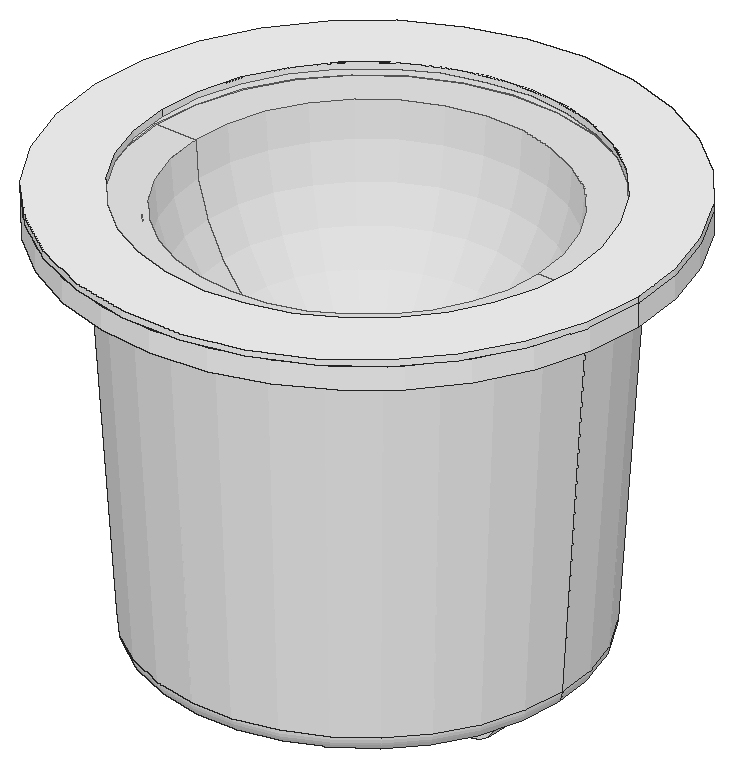
Revit family "2058937", category Lighting Fixtures, host Face, Revit 2018
Family settings
  Host = Face
  Round Connector Dimension = Use Diameter
  Part Type = Normal
  OmniClass Number = 23.80.70.11.17
  OmniClass Title = Specialized Lighting by Location or Use
  Cut with Voids When Loaded = No
  Light Source = Yes
  Shared = No
  Room Calculation Point = No
Parameters (values of type "2058937 MYRIAD DECO IP65 SP 4K DALI WH CBEZ")
  Weight = "n/a"
  Wattage = 15 W
  WarrantyStartDate [instance] = "n/a"
  WarrantyGuarantorParts = "n/a"
  WarrantyDurationUnit = "n/a"
  WarrantyDurationParts = ""
  WarrantyDescription = "http://www.sylvania-lighting.com"
  built-in parameter 1150110 = 1 (stored number, unit not read)
  Voltage = 230 V
  URL = "0"
  TypeName = "MYRIAD DECO IP65 SPOT 4000K DALI WHITE CBEZ"
  Type Image = 0
  Type Comments = ""
  built-in parameter 1114217 = 1 (stored number, unit not read)
  Tilt Angle = -90°
  built-in parameter 1150109 = 1 (stored number, unit not read)
  built-in parameter 1150134 = (empty or 0)
  built-in parameter 1150113 = 1 (stored number, unit not read)
  SerialNumber [instance] = "n/a"
  Reflector Radius = Cutout Diameter / 2 - 2.5 mm  # 35.0 mm
  Reflector Material = Aluminum_Sylvania_Myriad_Bright
  Recessed Depth = Height  # 72.0 mm
  PowerFactor = 0
  PowerConsumption = "Lighting"
  Photometric Web File = "2058937.ies"
  NominalWidth = 0.0 mm
  NominalLength = 76.0 mm
  NominalHeight = 72.0 mm
  Name = "MYRIAD DECO IP65 SPOT 4000K DALI WHITE CBEZ"
  ModelReference = "MYRIAD DECO IP65 SPOT 4000K DALI WHITE CBEZ"
  ModelNumber = "2058937"
  Material = "Feilo Sylvania"
  ManufacturerName = "113 lm/W"
  LuminousEfficacy = ""
  LuminaireType = "0"
  LightOutputRatio = "LED"
  LampsType = Lamp  # "n/a"
  LampNominalLuminous = "4000 K"
  LampMacAdamStep = "90"
  LampColourTemperature = "LED"
  LampColourRenderingIndex = "16500"
  Keynote = "n/a"
  Keynote_2 = "16500"
  InstallationDate [instance] = "n/a"
  InputVoltage = "0"
  InputNominalFrequency = "4000"
  IngressProtection = "IfcLightFixtureType"
  ImpactProtectionIndex = "IfcLightFixtureType"
  IfcExportType = "IfcLightFixtureType"
  IfcExportAs = "Class II"
  Height = 72.0 mm  # constant formula
  ExpectedLife = 50000
  Emit from Circle Diameter = Accessory Inner Diameter 2  # 68.0 mm
  Emit Shape Visible in Rendering = no
  ElectricShockClassification = "113"
  DurationUnit = "hours"
  DocumentationLiterature = "http://www.sylvania-lighting.com/product/en-int/products/2058937"
  DimmingControlOptions = "n/a"
  Diffuser Material = Glass_Sylvania_Myriad_Clear_4000K
  Diffuser Diameter = Cutout Diameter  # 75.0 mm
  Cutout Diameter = 75.0 mm  # constant formula
  CreatedOn = "03/02/2022"
  CreatedBy = "@sylvania-lighting.com"
  Cost = 0
  built-in parameter 1114216 [instance] = 1 (stored number, unit not read)
  Model = "MYRIAD DECO IP65 SPOT 4000K DALI WHITE CBEZ"
  Manufacturer = "Feilo Sylvania"  # constant formula
  built-in parameter 1150105 = 83.556 (stored number, unit not read)
  Lumens = 1050 lm
  built-in parameter 1150115 = 1 (stored number, unit not read)
  built-in parameter 1150137 = (empty or 0)
  built-in parameter 1150139 = (empty or 0)
  built-in parameter 1150112 = 1 (stored number, unit not read)
  built-in parameter 1150114 = 1 (stored number, unit not read)
  Lamp = "n/a"
  built-in parameter 1150132 = (empty or 0)
  built-in parameter 1150102 = (empty or 0)
  built-in parameter 1150107 = 2700 (stored number, unit not read)
  built-in parameter 1150138 = (empty or 0)
  built-in parameter 1150106 = 0.83556 (stored number, unit not read)
  built-in parameter 1150104 = 6.5032 (stored number, unit not read)
  Dimming Lamp Color Temperature Shift = <None>
  Description = "Supplied complete with electronic control gear Compact Fluorescent low energy downlight Emergency version passes through the cut out Ideal for low level orientation lighting New range of Architectural accessories each providing a different lit dimension New completely flush plaster up accessory ring for clean ceiling lines and smooth finish Order lamp separately"  # constant formula
  Default Elevation = 0.0 mm
  Color Filter = 16777215
  built-in parameter 1140040 [instance] = 1
  Body Radius = Reflector Radius + 1.5 mm  # 36.5 mm
  Body Material = Aluminum_Sylvania_Myriad_Gray
  BarCode [instance] = "n/a"
  built-in parameter 1114218 = 1 (stored number, unit not read)
  built-in parameter 1150133 = 10 (stored number, unit not read)
  AssetType = "Fixed"
  AssetIdentifier [instance] = "n/a"
  Assembly Code = "D5020200"
  Apparent Load = 10 VA
  Accessory Material = Aluminum_Sylvania_Myriad_White
  Accessory Inner Diameter 2 = Accessory Diameter - 22.0 mm  # 68.0 mm
  Accessory Inner Diameter 1 = Accessory Diameter - 2.0 mm  # 88.0 mm
  Accessory Diameter = Cutout Diameter + 15.0 mm  # 90.0 mm
Reference planes
  plane 1 "Center (Front/Back)": y = 0
  plane 2: z = 0
  plane 3 "Center (Left/Right)": x = 0
  plane 4: z = 2
  plane 5 "Fixture Bottom": z = 4.5
  plane 6: z = -28.5
  plane 7: z = -61.5
  plane 8 "Fixture Top": z = -67.5
  plane 9: z = 3.5
Forms (mm)
  Revolve 1, solid, material "Aluminum_Sylvania_Myriad_Bright" <- "Reflector Material", detail levels fine
    sketch origin (0, 0, 0) x (1, 0, 0) y (0, 0, 1)
      loop
        line (0, -27.515) -> (-6, -27.515)
        arc (-6, -27.515) -> (-22.333, -16.632) -> (-28.5, 2) r 30.135
        line (-28.5, 2) -> (-35, 2) -> (-35, 0) -> (-29.184, 0)
        arc (-29.184, 0) -> (-22.423, -18.18) -> (-6, -28.5) r 30.204
        line (-6, -28.5) -> (0, -28.5) -> (0, -27.515)
      axis (0, -28.5) -> (0, 2)
    angle from 0 to 360
  Revolve 2, solid, material "Aluminum_Sylvania_Myriad_Gray" <- "Body Material", detail levels fine
    sketch origin (0, 0, 0) x (1, 0, 0) y (0, 0, 1)
      loop
        line (-44, 2) -> (-44, 0) -> (-36.5, 0) -> (-32.42, -58.708)
        arc (-32.42, -58.708) -> (-31.474, -60.694) -> (-29.428, -61.5) r 3
        line (-29.428, -61.5) -> (0, -61.5) -> (0, -28.5) -> (-6, -28.5)
        arc (-6, -28.5) -> (-22.423, -18.18) -> (-29.184, 0) r 30.204
        line (-29.184, 0) -> (-35, 0) -> (-35, 2) -> (-44, 2)
      axis (0, 2) -> (0, -61.5)
    angle from 0 to 360
  Extrusion 3, solid, material "Aluminum_Sylvania_Myriad_Gray" <- "Body Material", detail levels fine
    sketch origin (0, 0, 0) x (1, 0, 0) y (0, 0, 1)
      loop
        line (-13.5, -67.5) -> (21, -67.5)
        arc (21, -67.5) -> (23.828, -66.328) -> (25, -63.5) r 4
        line (25, -63.5) -> (25, -61.5) -> (-17.5, -61.5) -> (-17.5, -63.5)
        arc (-17.5, -63.5) -> (-16.328, -66.328) -> (-13.5, -67.5) r 4
    from -4.5 to 4.5
  Extrusion 4, solid, material "Aluminum_Sylvania_Myriad_White" <- "Accessory Material", detail levels fine
    sketch origin (0, 0, 0) x (1, 0, 0) y (0, 1, 0)
      loop
        circle (0, 0) r 45
      loop
        circle (0, 0) r 44
    from 0 to 3.5
  Extrusion 5, solid, material "Aluminum_Sylvania_Myriad_White" <- "Accessory Material", detail levels fine
    sketch origin (0, 0, 0) x (1, 0, 0) y (0, 1, 0)
      loop
        circle (0, 0) r 45
      loop
        circle (0, 0) r 34
    from 3.5 to 4.5
  Extrusion 6, solid, material "Aluminum_Sylvania_Myriad_White" <- "Accessory Material", detail levels coarse+medium
    sketch origin (0, 0, 0) x (1, 0, 0) y (0, 1, 0)
      loop
        circle (0, 0) r 45
    from 0 to 4.5
  Revolve 7, solid, detail levels coarse+medium
    sketch origin (0, 0, 0) x (1, 0, 0) y (0, 0, 1)
      loop
        line (36.5, 0) -> (0, 0) -> (0, -61.5) -> (32.226, -61.5) -> (36.5, 0)
      axis (0, 0) -> (0, -61.5)
    angle from 0 to 360
  Extrusion 8, void
    sketch origin (0, 0, 0) x (1, 0, 0) y (0, 1, 0)
      loop
        circle (0, 0) r 37.5
    from -67.5 to 0
  Extrusion 9, solid, material "Glass_Sylvania_Myriad_Clear_4000K" <- "Diffuser Material", detail levels fine
    sketch origin (0, 0, 0) x (1, 0, 0) y (0, 1, 0)
      loop
        circle (0, 0) r 37.5
    from 2 to 3.5
Cuts and joins
  joined: Extrusion 4, Extrusion 5
Lines and regions (mm)
  Masking region 1
    outline origin (0, 0, 0) x (1, 0, 0) y (0, 1, 0)
      loop
        circle (0, 0) r 45
  symbolic lines
    curve 1: arc (-34, 0, 0) -> (0, 34, 0) -> (34, 0, 0) r 34
    curve 2: arc (34, 0, 0) -> (0, -34, 0) -> (-34, 0, 0) r 34
Dimensions and locks
  locked: plane 7 to plane 8 "Fixture Top" at 6
  "Body Radius": Revolve 7 sketch curve to plane 3 "Center (Left/Right)"
  locked: Revolve 7 sketch curve to Revolve 7 sketch curve at 4.274
  plane 5 "Fixture Bottom" to plane 9 to plane 4 to plane 2 to plane 6 = 1.0 mm locked, 1.5 mm locked, 2.0 mm locked, 28.5 mm locked
  "Reflector Radius": Revolve 1 sketch curve to plane 3 "Center (Left/Right)"
  Revolve 1 sketch curve to Revolve 1 sketch curve to Revolve 1 sketch curve to Revolve 1 sketch curve = 6.5 mm locked, 22.5 mm locked, 0.0 mm locked
  "Reflector Radius": plane 3 "Center (Left/Right)" to Revolve 2 sketch curve
  Revolve 2 sketch curve to Revolve 2 sketch curve to Revolve 2 sketch curve = 7.5 mm locked, 1.5 mm locked
  Revolve 2 sketch curve to Revolve 2 sketch curve to Revolve 2 sketch curve = 5.816 mm locked, 23.184 mm locked
  Revolve 2 sketch curve to Revolve 2 sketch curve to Revolve 2 sketch curve = 2.58 mm locked, 2.993 mm locked
  "Accessory Diameter": diameter of Extrusion 4 sketch curve
  "Accessory Inner Diameter 1": diameter of Extrusion 4 sketch curve
  "Accessory Diameter": diameter of Extrusion 5 sketch curve
  "Accessory Diameter": diameter of Extrusion 6 sketch curve
  "Cutout Diameter": diameter of Extrusion 8 sketch curve
  "Accessory Inner Diameter 2": diameter of Extrusion 5 sketch curve
  "Diffuser Diameter": diameter of Extrusion 9 sketch curve
  aligned and locked: plane 2 to host face
  aligned and locked: level to host face
  aligned and locked: plane 1 "Center (Front/Back)" to imposter light
  aligned and locked: plane 3 "Center (Left/Right)" to imposter light
  aligned and locked: Revolve 1 sketch curve to imposter light
  aligned and locked: Extrusion 3 sketch curve to plane 8 "Fixture Top"
  aligned and locked: plane 7 to Extrusion 3 sketch curve
  aligned and locked: Extrusion 4 to plane 2
  aligned and locked: plane 9 to Extrusion 4
  aligned and locked: Extrusion 5 to plane 9
  aligned and locked: plane 5 "Fixture Bottom" to Extrusion 5
  aligned and locked: Extrusion 6 to plane 2
  aligned and locked: plane 5 "Fixture Bottom" to Extrusion 6
  aligned and locked: Extrusion 8 to plane 8 "Fixture Top"
  aligned and locked: plane 2 to Extrusion 8
  aligned and locked: Masking region 1 sketch curve to Extrusion 6  (x2)
  aligned and locked: Extrusion 9 to plane 4
  aligned and locked: plane 9 to Extrusion 9
  aligned and locked: plane 4 to Revolve 2 sketch curve
  aligned and locked: Revolve 2 sketch curve to plane 2
  aligned and locked: curve 1 to cut or joined group of Extrusion 4, Extrusion 5
  aligned and locked: curve 2 to cut or joined group of Extrusion 4, Extrusion 5
  aligned and locked: imposter light to plane 5 "Fixture Bottom"
Automatic sketch dimensions
  host sketch curve to host sketch curve = 1305.563 mm
  host sketch curve to host sketch curve = 1283.632 mm
  Extrusion 3 sketch curve to plane 7 = 2.0 mm
  Extrusion 3 sketch curve to plane 3 "Center (Left/Right)" = 13.5 mm
  plane 3 "Center (Left/Right)" to Extrusion 3 sketch curve = 21.0 mm
  Extrusion 3 sketch curve to Extrusion 3 sketch curve = 4.0 mm
  Revolve 1 sketch curve to level = 0.0 mm
  Revolve 1 sketch curve to plane 3 "Center (Left/Right)" = 0.0 mm
  Revolve 1 sketch curve to plane 6 = 0.0 mm
  Revolve 1 sketch curve to plane 4 = 0.0 mm
  Revolve 1 sketch curve to Revolve 1 sketch curve = 0.684 mm
  level to Revolve 1 sketch curve = 0.88 mm
  Revolve 1 sketch curve to plane 4 = 0.363 mm
  Revolve 1 sketch curve to Revolve 1 sketch curve = 0.625 mm
  Revolve 1 sketch curve to plane 8 "Fixture Top" = 232.8 mm
  plane 5 "Fixture Bottom" to Revolve 1 sketch curve = 291.243 mm
  Revolve 2 sketch curve to plane 3 "Center (Left/Right)" = 0.0 mm  (x2)
  Revolve 2 sketch curve to plane 7 = 0.0 mm
  Revolve 2 sketch curve to plane 6 = 0.0 mm
  Revolve 2 sketch curve to level = 0.0 mm
  level to Revolve 2 sketch curve = 0.88 mm
  plane 7 to Revolve 2 sketch curve = 2.792 mm
  Revolve 2 sketch curve to plane 8 "Fixture Top" = 304.774 mm
  plane 5 "Fixture Bottom" to Revolve 2 sketch curve = 1137.105 mm
  Extrusion 4 sketch curve to Extrusion 4 sketch curve = 0.0 mm  (x2)
  plane 1 "Center (Front/Back)" to Extrusion 4 sketch curve = 0.0 mm
  Extrusion 4 sketch curve to plane 3 "Center (Left/Right)" = 0.0 mm
  Extrusion 5 sketch curve to Extrusion 5 sketch curve = 0.0 mm  (x2)
  plane 1 "Center (Front/Back)" to Extrusion 5 sketch curve = 0.0 mm
  Extrusion 5 sketch curve to plane 3 "Center (Left/Right)" = 0.0 mm
  plane 1 "Center (Front/Back)" to Extrusion 6 sketch curve = 0.0 mm
  Extrusion 6 sketch curve to plane 3 "Center (Left/Right)" = 0.0 mm
  Revolve 7 sketch curve to level = 0.0 mm
  Revolve 7 sketch curve to plane 3 "Center (Left/Right)" = 0.0 mm  (x2)
  Revolve 7 sketch curve to plane 7 = 0.0 mm
  Revolve 7 sketch curve to plane 8 "Fixture Top" = 304.774 mm
  plane 5 "Fixture Bottom" to Revolve 7 sketch curve = 43.226 mm
  plane 1 "Center (Front/Back)" to Extrusion 8 sketch curve = 0.0 mm
  Extrusion 8 sketch curve to plane 3 "Center (Left/Right)" = 0.0 mm
  plane 1 "Center (Front/Back)" to Extrusion 9 sketch curve = 0.0 mm
  Extrusion 9 sketch curve to plane 3 "Center (Left/Right)" = 0.0 mm
Connectors
  electrical at (-0.006, -0.019, -67.5), driven by "Apparent Load", driven by "Apparent Load"
    settings: on plane 8 "Fixture Top", index 1, voltage 230 V, apparent load 10 VA, apparent load phase1 10 VA, apparent load phase2 0 VA, apparent load phase3 0 VA, power factor 1, load classification "Lighting", number of poles 1, system type 30, power factor state 1, is connector primary yes, connector utility no, sub classification motor no, connector description ""
